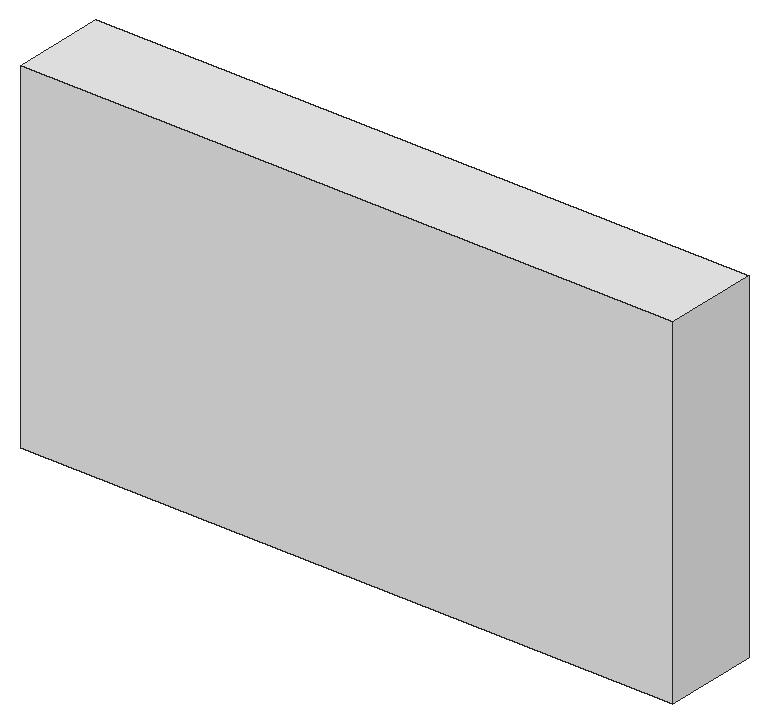
Revit family "T93025 Alu-K M LED 53m 2-s_Vegg", category Lighting Fixtures, Revit 2016
Family settings
  Part Type = Normal
  Round Connector Dimension = Use Diameter
  OmniClass Number = 23.80.70.11.21
  OmniClass Title = Emergency Lighting
  Work Plane-Based = No
  Always vertical = Yes
  Cut with Voids When Loaded = No
  Light Source = Yes
  Shared = No
  Room Calculation Point = No
Parameters (values of type "LedeLys")
  Wattage = 9.2903 W
  built-in parameter 1150110 = 1 (stored number, unit not read)
  Type Comments = "-UN"
  built-in parameter 1114217 = 1 (stored number, unit not read)
  Tilt Angle = 90.00°
  built-in parameter 1150109 = 1 (stored number, unit not read)
  built-in parameter 1150134 = 3
  built-in parameter 1150113 = 1 (stored number, unit not read)
  Photometric Web File = "2x4 3Lamp.ies"
  Number of Poles = 1
  Symbol Positive Direction [instance] = yes
  NS8360 = "4432_WT2"
  Manufacturer = "Honeywell"
  built-in parameter 1150105 = 109.82 (stored number, unit not read)
  Lumens = 1380 lm
  built-in parameter 1150115 = 1 (stored number, unit not read)
  built-in parameter 1150137 = (empty or 0)
  built-in parameter 1150139 = (empty or 0)
  built-in parameter 1150112 = 1 (stored number, unit not read)
  built-in parameter 1150114 = 1 (stored number, unit not read)
  Keynote = "WT2"
  built-in parameter 1150132 = (empty or 0)
  built-in parameter 1150102 = (empty or 0)
  built-in parameter 1150107 = 3200 (stored number, unit not read)
  built-in parameter 1150138 = (empty or 0)
  built-in parameter 1150106 = 1.0982 (stored number, unit not read)
  Height = 80 mm
  Voltage = 230 V
  Symbol Offset Side [instance] = 0 mm
  Symbol Offset Out [instance] = 0 mm
  Material = Aluminium
  Loads [instance] = 0 VA
  Length B = 290 mm
  Length A = 554 mm
  Glass Material = Plastic - Transparent
  Emit from Rectangle Width = Length B  # 290 mm
  Emit from Rectangle Length = Length A  # 554 mm
  Emit Shape Visible in Rendering = no
  built-in parameter 1150104 = 13.8 (stored number, unit not read)
  Dimming Lamp Color Temperature Shift = <None>
  Color Filter = 16777215
  built-in parameter 1114218 = 1 (stored number, unit not read)
  built-in parameter 1150133 = 10 (stored number, unit not read)
  Assembly Code = "4432"
Reference planes
  plane 1 "Light Source Axis (F/B)": y = 0
  plane 2: z = 0
  plane 3 "Light Source Axis (L/R)": x = 0
  plane 4 "Light Source Elevation": z = 0
  plane 5: z = -145
  plane 6: y = 80
  plane 7: y = 77
  plane 8: y = 10
  plane 9: x = -277
  plane 10: x = 277
  plane 11: z = 145
  plane 12: x = -267
  plane 13: z = 135
  plane 14: x = 267
  plane 15: z = -135
Forms (mm)
  Extrusion 1, solid, material "Aluminium" <- "Material"
    sketch origin (0, 0, 0) x (1, 0, 0) y (0, 0, 1)
      loop
        line (-277, 145) -> (-277, -145) -> (277, -145) -> (277, 145) -> (-277, 145)
      loop
        line (-267, 135) -> (-267, -135) -> (267, -135) -> (267, 135) -> (-267, 135)
    from -10 to -80
  Extrusion 2, solid, material "Aluminium" <- "Material"
    sketch origin (0, 0, 0) x (1, 0, 0) y (0, 1, 0)
      loop
        line (-277, 10) -> (-277, 0) -> (277, 0) -> (277, 10) -> (-277, 10)
    from -145 to 145
  Extrusion 3, solid, material "Plastic - Transparent" <- "Glass Material"
    sketch origin (0, 0, 0) x (1, 0, 0) y (0, 0, 1)
      loop
        line (-267, 135) -> (-267, -135) -> (267, -135) -> (267, 135) -> (-267, 135)
    from -80 to -77
Cuts and joins
  joined: Extrusion 1, Extrusion 2
Lines and regions (mm)
  model lines, style "InvisibleLines"
    curve 1: line (0, 0, 0) -> (0, 0, -142)
Dimensions and locks
  plane 4 "Light Source Elevation" to plane 2 = 0 mm
  locked: plane 6 to plane 7 at 3
  "Height": plane 6 to plane 1 "Light Source Axis (F/B)"
  locked: plane 8 to plane 1 "Light Source Axis (F/B)" at 10
  equal spacing: plane 11, plane 4 "Light Source Elevation", plane 5
  equal spacing: plane 10, plane 3 "Light Source Axis (L/R)", plane 9
  "Length A": plane 10 to plane 9
  "Length B": plane 11 to plane 5
  locked: plane 11 to plane 13 at 10
  locked: plane 10 to plane 14 at 10
  locked: plane 12 to plane 9 at 10
  locked: plane 15 to plane 5 at 10
  aligned and locked: plane 2 to level
  aligned and locked: plane 1 "Light Source Axis (F/B)" to nested 1
  aligned and locked: plane 3 "Light Source Axis (L/R)" to nested 1
  aligned and locked: Extrusion 1 sketch curve to plane 11
  aligned and locked: plane 9 to Extrusion 1 sketch curve
  aligned and locked: Extrusion 1 sketch curve to plane 5
  aligned and locked: Extrusion 1 sketch curve to plane 10
  aligned and locked: Extrusion 1 sketch curve to plane 13
  aligned and locked: plane 12 to Extrusion 1 sketch curve
  aligned and locked: Extrusion 1 sketch curve to plane 15
  aligned and locked: Extrusion 1 sketch curve to plane 14
  aligned and locked: plane 6 to Extrusion 1
  aligned and locked: Extrusion 1 to plane 8
  aligned and locked: Extrusion 2 sketch curve to Extrusion 1  (x2)
  aligned and locked: Extrusion 2 sketch curve to plane 1 "Light Source Axis (F/B)"
  aligned and locked: Extrusion 2 sketch curve to plane 10
  aligned and locked: plane 11 to Extrusion 2
  aligned and locked: Extrusion 2 to plane 5
  aligned and locked: Extrusion 3 sketch curve to plane 15
  aligned and locked: plane 12 to Extrusion 3 sketch curve
  aligned and locked: Extrusion 3 sketch curve to plane 13
  aligned and locked: Extrusion 3 sketch curve to plane 14
  aligned and locked: plane 6 to Extrusion 3
  aligned and locked: Extrusion 3 to plane 7
Automatic sketch dimensions
  curve 1 to plane 3 "Light Source Axis (L/R)" = 0 mm
  plane 5 to curve 1 = 3 mm
  curve 1 to level = 0 mm
Nested families
  nested 1: "LedelysS" at (0, 0, 0), type "Type 1"
Connectors
  electrical at (0, 0, 0), driven by "Voltage", driven by "Loads", driven by "Number of Poles", driven by "Loads"
    settings: on plane 4 "Light Source Elevation", index 1, voltage 230 V, apparent load 0 VA, apparent load phase1 0 VA, apparent load phase2 0 VA, apparent load phase3 0 VA, power factor 1, load classification "Lighting", number of poles 1, system type 30, power factor state 1, is connector primary yes, connector utility no, sub classification motor no, connector description ""
Definition of nested family "LedelysS"
  Parameters
    CQ Symbol Positive Direction = yes
    CQ Symbol Negative Direction = not(CQ Symbol Positive Direction)  # no
    CQ Symbol Offset Side = 0 mm
    CQ Symbol Offset Out = 0 mm
  Reference planes
    plane 1: y = 0
    plane 2: x = 0
  Dimensions and locks
    "CQ Symbol Offset Out": plane 1 to nested 1
    "CQ Symbol Offset Out": plane 1 to nested 2
    "CQ Symbol Offset Side": plane 2 to nested 2
    "CQ Symbol Offset Side": nested 1 to plane 2
  Nested families
    nested 1: "LedelysSub" at (0, 0, 0), visible <- "CQ Symbol Negative Direction", type "Type 1"
    nested 2: "LedelysSub" at (0, 0, 0), visible <- "CQ Symbol Positive Direction", type "Type 1"
  Definition of nested family "LedelysSub"
    Reference planes
      plane 1: y = 0
      plane 2: x = 0
    Lines and regions (mm)
      detail lines
        curve 1: line (-4, 0, 0) -> (4, 0, 0)
        curve 2: line (4, 0, 0) -> (4, 4, 0)
        curve 3: line (4, 4, 0) -> (-4, 4, 0)
        curve 4: line (-4, 4, 0) -> (-4, 0, 0)
        curve 5: line (-3.097, 0.75, 0) -> (-0.597, 3.25, 0)
        curve 6: line (-3.097, 3.25, 0) -> (-0.597, 0.75, 0)
        curve 7: circle (-1.847, 2, 0) r 1.2 normal (0, 0, 1)
    Text (mm)
      text "LL" at (2.179, 3.025, 0)
